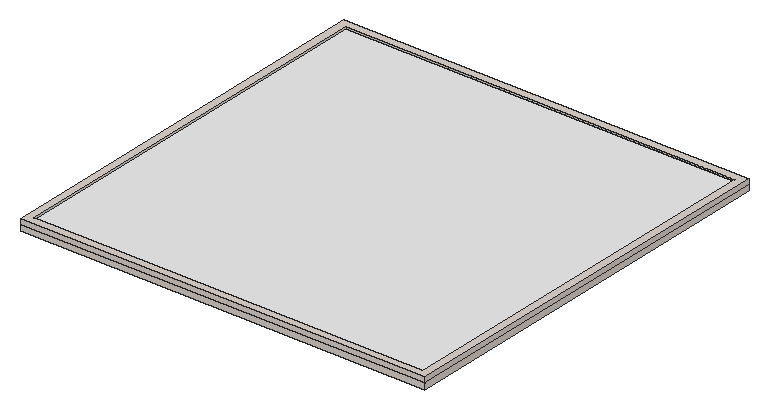
Revit family "SKY LED FLAT PANEL", category Lighting Fixtures, host Face, Revit 2020
Family settings
  Host = Face
  Round Connector Dimension = Use Diameter
  Part Type = Normal
  Cut with Voids When Loaded = No
  Light Source = Yes
  Shared = No
  Room Calculation Point = No
Parameters (values of type "SFLP22D3830")
  Wattage = 24.5722 W
  WATTS = 38 W
  built-in parameter 1150110 = 1 (stored number, unit not read)
  Voltage Comments = "120-277V"  # constant formula
  Voltage = 277 V
  URL = "https://www.abovealllighting.com/Product/LED-INDOOR-FIXTURE/LED-Flat-Panel/SKYLEDFlatPanel.html"
  Type Comments = "SKY LED FLAT PANEL"  # constant formula
  built-in parameter 1114217 = 1 (stored number, unit not read)
  Tilt Angle = -90.00°
  built-in parameter 1150109 = 1 (stored number, unit not read)
  built-in parameter 1150134 = (empty or 0)
  built-in parameter 1150113 = 1 (stored number, unit not read)
  Replaces/Equiv.(MH) = "3x17W FL"
  Photometric Web File = "generic"
  Order number = "14211K"
  built-in parameter 1150142 = (empty or 0)
  Model = "SFLP22D3830"
  Manufacturer = "Above All Lighting"  # constant formula
  built-in parameter 1150105 = 290.46 (stored number, unit not read)
  Lumens = 3650 lm
  built-in parameter 1150115 = 1 (stored number, unit not read)
  built-in parameter 1150137 = (empty or 0)
  built-in parameter 1150139 = (empty or 0)
  built-in parameter 1150112 = 1 (stored number, unit not read)
  built-in parameter 1150114 = 1 (stored number, unit not read)
  Lamp = "LED"  # constant formula
  built-in parameter 1150132 = 2
  built-in parameter 1150102 = (empty or 0)
  built-in parameter 1150107 = 3000 (stored number, unit not read)
  built-in parameter 1150138 = (empty or 0)
  built-in parameter 1150106 = 2.9046 (stored number, unit not read)
  IP Rating = "20"  # constant formula
  Fixture Width = 23.74"
  Fixture Length = 23.74"
  Fixture Height = 1.76"
  Finish/Color [instance] = WHITE
  built-in parameter 1150104 = 13.8 (stored number, unit not read)
  Dimming Lamp Color Temperature Shift = <None>
  Dimming / Control Comments = "1-10V Dim\r\n\r\n"  # constant formula
  Dimming / Control = 10 V
  Description = "The SKY LED flat panel is designed for standard T-bar and narrow grid drop ceiling to replace\r\nfluorescent fixtures in offices, supermarkets, schools and other indoor applications. The Edge Lit\r\ndesign enables even light distribution, simple but beautiful and easy for installation. Energy saving,\r\nlong life span and low maintenance"  # constant formula
  Default Elevation = 0.00"
  Color Filter = 16777215
  CRI = "80"  # constant formula
  Bulb Material [instance] = BULB MATERIAL
  built-in parameter 1114218 = 1 (stored number, unit not read)
  BEAMING ANGLE = 110.00°  # constant formula
  Average life based on 77F(HRS) = "50000"  # constant formula
  built-in parameter 1150133 = 10 (stored number, unit not read)
  Apparent Load = WATTS / 0.8  # 47.5 VA
Reference planes (in)
  plane 1 "Center (Front/Back)": y = 0
  plane 2: z = 0
  plane 3 "Center (Left/Right)": x = 0
  plane 4: y = 11.87
  plane 5: x = 11.87
  plane 6: x = -11.87
  plane 7: y = -11.87
  plane 8: z = -1.46767
Dimensions and locks (in)
  equal spacing: plane 6, plane 3 "Center (Left/Right)", plane 5
  "Fixture Width": plane 6 to plane 5
  equal spacing: plane 7, plane 1 "Center (Front/Back)", plane 4
  "Fixture Length": plane 7 to plane 4
  locked: nested 1 to plane 2 at 0.29233
  "Fixture Height": nested 1 to plane 8
  aligned and locked: plane 2 to host face
  aligned and locked: level to host face
  aligned and locked: plane 2 to imposter light
  aligned and locked: plane 3 "Center (Left/Right)" to imposter light
Automatic sketch dimensions
  host sketch curve to host sketch curve = 96.00"  (x2)
Nested families (in)
  nested 1: "SFLP" at (0, 0, -1.46767), Fixture Length <- "Fixture Length", Fixture Width <- "Fixture Width", Fixture Height <- "Fixture Height", Bulb Material <- "Bulb Material", Finish/Color <- "Finish/Color", type "SFLP"
    with Fixture Width 23.74", Fixture Length 23.74", Fixture Height 1.76", Finish/Color WHITE, Bulb Material BULB MATERIAL
Connectors (in)
  electrical at (0, 0, 0), driven by "Voltage", driven by "Apparent Load"
    settings: on host face, index 1, voltage 277 V, apparent load 47.5 VA, apparent load phase1 0 VA, apparent load phase2 0 VA, apparent load phase3 0 VA, power factor 1, load classification "Lighting", number of poles 1, system type 30, power factor state 1, is connector primary yes, connector utility no, sub classification motor no, connector description ""
Definition of nested family "SFLP"
  Parameters (values of type "SLF")
    Fixture Width [instance] = 23.70"
    Fixture Length [instance] = 23.70"
    Fixture Height [instance] = 1.76"
    Finish/Color [instance] = none
    Default Elevation = 0.00"
    Bulb Material [instance] = none
  Types (2): name
    SLF
    SFLP
  Reference planes (in)
    plane 1 "Center (Front/Back)": y = 0
    plane 2: z = 0
    plane 3 "Center (Left/Right)": x = 0
    plane 4: y = 11.85
    plane 5: x = -11.85
    plane 6: y = -11.85
    plane 7: x = 11.85
    plane 8: z = 1.76
  Forms (in)
    Sweep 1, solid, material <- "Finish/Color"
      path origin (0, 0, 0) x (1, 0, 0) y (0, 1, 0)
        loop
          line (-11.85, 11.85) -> (-11.85, -11.85) -> (11.85, -11.85) -> (11.85, 11.85) -> (-11.85, 11.85)
      profile origin (0, 11.85, 0) x (0, 1, 0) y (0, 0, 1)
        loop
          line (0, 1.11363) -> (0, 1.31142) -> (0, 1.76) -> (-0.44271, 1.76) -> (-0.44271, 1.66298) -> (-0.15207, 1.66298) -> (-0.15207, 1.11363) -> (0, 1.11363)
    Extrusion 2, solid, material <- "Finish/Color"
      sketch origin (0, 0, 0) x (0, 1, 0) y (0, 0, 1)
        loop
          line (8.0322, 1.11363) -> (3.43554, 1.11363) -> (3.43554, 0) -> (8.0322, 0) -> (8.0322, 1.11363)
      from -8.81451 to 8.81451
    Extrusion 3, solid, material <- "Bulb Material"
      sketch origin (0, 0, 0) x (1, 0, 0) y (0, 1, 0)
        loop
          line (-11.69793, 11.69793) -> (-11.69793, -11.69793) -> (11.69793, -11.69793) -> (11.69793, 11.69793) -> (-11.69793, 11.69793)
      from 1.44471 to 1.66298
    Extrusion 4, solid, material <- "Finish/Color"
      sketch origin (0, 0, 0) x (1, 0, 0) y (0, 1, 0)
        loop
          line (11.85, 11.85) -> (-11.85, 11.85) -> (-11.85, -11.85) -> (11.85, -11.85) -> (11.85, 11.85)
      from 1.11363 to 1.44471
  Dimensions and locks (in)
    equal spacing: plane 5, plane 3 "Center (Left/Right)", plane 7
    "Fixture Width": plane 5 to plane 7
    equal spacing: plane 4, plane 1 "Center (Front/Back)", plane 6
    "Fixture Length": plane 4 to plane 6
    "Fixture Height": plane 8 to plane 2
    locked: plane 4 to Extrusion 2 sketch curve at 3.8178
    locked: Extrusion 2 sketch curve to Extrusion 2 sketch curve at 4.59666
    equal spacing: Extrusion 2, plane 3 "Center (Left/Right)", Extrusion 2
    locked: plane 5 to Extrusion 2 at 3.03549
    locked: Extrusion 2 to plane 7 at 3.03549
    locked: Extrusion 3 to Extrusion 3 at 0.21827
    aligned and locked: plane 2 to level
    aligned and locked: Sweep 1 sketch curve to plane 4
    aligned and locked: plane 5 to Sweep 1 sketch curve
    aligned and locked: Sweep 1 sketch curve to plane 6
    aligned and locked: plane 7 to Sweep 1 sketch curve
    aligned and locked: Extrusion 2 sketch curve to level
    aligned and locked: Extrusion 3 sketch curve to Sweep 1  (x4)
    aligned and locked: Extrusion 3 to Sweep 1
    aligned and locked: Extrusion 4 sketch curve to Sweep 1  (x4)
    aligned and locked: Extrusion 4 to Sweep 1
    aligned and locked: Extrusion 4 to Extrusion 3
  Automatic sketch dimensions
    Sweep 1 sketch curve to Sweep 1 sketch curve = 0.29064"
    level to Sweep 1 sketch curve = 1.11363"
    Sweep 1 sketch curve to Sweep 1 sketch curve = 0.19779"
    Sweep 1 sketch curve to Sweep 1 sketch curve = 0.09702"
    Sweep 1 sketch curve to profile plane = 0.00"
    profile plane to Sweep 1 sketch curve = 0.15207"
    Sweep 1 sketch curve to Sweep 1 sketch curve = 0.35156"
    Extrusion 2 sketch curve to plane 8 = 0.64637"
Types (13): name | Wattage | WATTS | built-in parameter 1150134 | Replaces/Equiv.(MH) | Photometric Web File | Order number | built-in parameter 1150142 | Model | built-in parameter 1150105 | Lumens | built-in parameter 1150107 | built-in parameter 1150106 | Fixture Width | Fixture Length | Default Elevation | Apparent Load
  (no name) | 24.5722 W | 38 W | (empty or 0) | "3x17W FL" | "generic" | "14211K" | (empty or 0) | "SFLP22D3830" | 290.46 (stored number, unit not read) | 3650 lm | 3000 (stored number, unit not read) | 2.9046 (stored number, unit not read) | 23.74" | 23.74" | 0.00" | 47.5 VA
  SFLP22D3830 | 24.5722 W | 38 W | (empty or 0) | "3x17W FL" | "generic" | "14211K" | (empty or 0) | "SFLP22D3830" | 290.46 (stored number, unit not read) | 3650 lm | 3000 (stored number, unit not read) | 2.9046 (stored number, unit not read) | 23.74" | 23.74" | 0.00" | 47.5 VA
  SFLP14D3830 | 24.5722 W | 38 W | (empty or 0) | "2x32W FL" | "generic" | "14215K" | (empty or 0) | "SFLP14D3830" | 290.46 (stored number, unit not read) | 3650 lm | 3000 (stored number, unit not read) | 2.9046 (stored number, unit not read) | 11.73047" | 47.80" | 0.00" | 47.5 VA
  SFLP22D3835 | 25.2454 W | 38 W | (empty or 0) | "3x17W FL" | "SFLP22D3835.IES" | "14212K" | "IESNA:LM-63-2002\r\n[TEST] \r\n[TESTLAB] EVERFINE\r\n[TESTDATE] 2018-09-21\r\n[ISSUEDATE] 2019-05-15 15:26:03\r\n[NEARFIELD] \r\n[LAMPPOSITION] 0,0\r\n[OTHER] EVERFINE GO-2000B_V1 SYSTEM\r\n[MANUFAC] Above All Lighting\r\n[LUMINAIRE] FLB 2002/1000WHQI\r\n[LAMP] 10863-SFLP22D3835\r\n[OTHER] \r\n[OTHER] Gamma(deg)    Fz(lm)      Ft(lm)     %Lum    %Lamp\r\n[OTHER]   0- 10       124.56      124.56     3.29     3.32\r\n[OTHER]  10- 20       356.13      480.69    12.70    12.79\r\n[OTHER]  20- 30       538.58     1019.27    26.93    27.13\r\n[OTHER]  30- 40       648.18     1667.44    44.06    44.38\r\n[OTHER]  40- 50       671.94     2339.39    61.82    62.26\r\n[OTHER]  50- 60       607.25     2946.64    77.87    78.42\r\n[OTHER]  60- 70       464.86     3411.49    90.15    90.79\r\n[OTHER]  70- 80       272.91     3684.40    97.36    98.06\r\n[OTHER]  80- 90        79.44     3763.84    99.46   100.17\r\n[OTHER]  90-100         1.73     3765.57    99.51   100.22\r\n[OTHER] 100-110         2.28     3767.85    99.57   100.28\r\n[OTHER] 110-120         2.91     3770.77    99.64   100.35\r\n[OTHER] 120-130         3.19     3773.96    99.73   100.44\r\n[OTHER] 130-140         3.13     3777.09    99.81   100.52\r\n[OTHER] 140-150         2.83     3779.92    99.88   100.60\r\n[OTHER] 150-160         2.31     3782.23    99.95   100.66\r\n[OTHER] 160-170         1.53     3783.75    99.99   100.70\r\n[OTHER] 170-180         0.54     3784.29   100.00   100.71\r\n[OTHER] \r\nTILT=NONE\r\n1 3757.5 1 181 37 1 2 0.000 0.000 0.000\r\n1.000 1 35.9\r\n0.0    1.0    2.0    3.0    4.0    5.0    6.0    7.0    8.0    9.0    \r\n 10.0   11.0   12.0   13.0   14.0   15.0   16.0   17.0   18.0   19.0   \r\n 20.0   21.0   22.0   23.0   24.0   25.0   26.0   27.0   28.0   29.0   \r\n 30.0   31.0   32.0   33.0   34.0   35.0   36.0   37.0   38.0   39.0   \r\n 40.0   41.0   42.0   43.0   44.0   45.0   46.0   47.0   48.0   49.0   \r\n 50.0   51.0   52.0   53.0   54.0   55.0   56.0   57.0   58.0   59.0   \r\n 60.0   61.0   62.0   63.0   64.0   65.0   66.0   67.0   68.0   69.0   \r\n 70.0   71.0   72.0   73.0   74.0   75.0   76.0   77.0   78.0   79.0   \r\n 80.0   81.0   82.0   83.0   84.0   85.0   86.0   87.0   88.0   89.0   \r\n 90.0   91.0   92.0   93.0   94.0   95.0   96.0   97.0   98.0   99.0   \r\n 100.0  101.0  102.0  103.0  104.0  105.0  106.0  107.0  108.0  109.0  \r\n 110.0  111.0  112.0  113.0  114.0  115.0  116.0  117.0  118.0  119.0  \r\n 120.0  121.0  122.0  123.0  124.0  125.0  126.0  127.0  128.0  129.0  \r\n 130.0  131.0  132.0  133.0  134.0  135.0  136.0  137.0  138.0  139.0  \r\n 140.0  141.0  142.0  143.0  144.0  145.0  146.0  147.0  148.0  149.0  \r\n 150.0  151.0  152.0  153.0  154.0  155.0  156.0  157.0  158.0  159.0  \r\n 160.0  161.0  162.0  163.0  164.0  165.0  166.0  167.0  168.0  169.0  \r\n 170.0  171.0  172.0  173.0  174.0  175.0  176.0  177.0  178.0  179.0  \r\n 180.0  \r\n0.0    10.0   20.0   30.0   40.0   50.0   60.0   70.0   80.0   90.0   \r\n 100.0  110.0  120.0  130.0  140.0  150.0  160.0  170.0  180.0  190.0  \r\n 200.0  210.0  220.0  230.0  240.0  250.0  260.0  270.0  280.0  290.0  \r\n 300.0  310.0  320.0  330.0  340.0  350.0  360.0  \r\n1317.43  1318.69  1318.69  1316.64  1317.58  1312.47  1309.14  1309.43  1305.91  1299.90  \r\n 1294.93  1290.33  1285.62  1277.93  1272.42  1263.98  1257.45  1250.25  1240.50  1231.48  \r\n 1224.90  1211.81  1202.05  1192.00  1181.97  1170.94  1158.35  1146.96  1134.49  1121.09  \r\n 1106.98  1094.46  1081.78  1066.80  1050.82  1037.03  1020.90  1006.88  992.01   973.69   \r\n 958.51   941.48   925.58   906.99   890.51   871.71   854.13   836.29   816.85   799.25   \r\n 780.43   761.18   742.88   722.84   703.30   682.68   662.55   642.99   622.10   601.25   \r\n 580.81   559.62   538.89   518.05   496.80   475.68   454.22   432.96   411.92   390.16   \r\n 369.49   348.22   327.81   306.61   285.61   264.66   245.19   224.53   205.38   185.80   \r\n 166.78   148.34   129.90   112.26   94.74    78.21    61.80    46.66    31.93    19.08    \r\n 7.17     1.03     1.07     1.14     1.21     1.29     1.38     1.46     1.55     1.64     \r\n 1.72     1.81     1.90     2.00     2.08     2.17     2.26     2.36     2.45     2.54     \r\n 2.64     2.72     2.81     2.90     2.99     3.07     3.15     3.23     3.30     3.37     \r\n 3.43     3.49     3.55     3.61     3.67     3.72     3.77     3.82     3.87     3.92     \r\n 3.97     4.03     4.07     4.12     4.16     4.21     4.24     4.29     4.33     4.38     \r\n 4.42     4.46     4.50     4.54     4.58     4.62     4.67     4.72     4.77     4.81     \r\n 4.86     4.90     4.96     5.00     5.05     5.09     5.14     5.19     5.24     5.29     \r\n 5.34     5.40     5.43     5.45     5.48     5.50     5.52     5.55     5.57     5.59     \r\n 5.61     5.63     5.65     5.67     5.68     5.70     5.71     5.72     5.72     5.73     \r\n 5.71     \r\n1317.43  1318.15  1316.93  1314.60  1313.60  1313.43  1307.52  1306.40  1301.24  1297.35  \r\n 1292.96  1289.54  1281.98  1276.42  1268.54  1261.18  1257.10  1246.44  1237.93  1228.92  \r\n 1220.32  1211.00  1199.42  1189.99  1178.99  1168.62  1154.60  1144.12  1130.77  1118.48  \r\n 1105.56  1091.35  1075.49  1062.58  1048.23  1032.35  1016.37  1001.33  986.07   969.07   \r\n 954.15   936.13   918.77   903.96   885.17   865.96   849.00   831.88   812.40   794.72   \r\n 774.55   756.27   736.04   716.95   697.19   676.89   656.52   636.48   616.42   595.15   \r\n 574.62   554.42   532.59   512.15   490.28   468.96   447.86   426.47   405.84   383.51   \r\n 362.98   340.96   320.89   299.54   279.29   258.91   238.31   218.14   198.86   179.41   \r\n 160.69   141.84   123.86   106.09   88.99    72.80    56.61    41.37    27.11    15.04    \r\n 3.87     1.13     1.15     1.20     1.27     1.35     1.44     1.52     1.61     1.69     \r\n 1.78     1.87     1.96     2.05     2.14     2.23     2.31     2.41     2.49     2.58     \r\n 2.67     2.75     2.83     2.92     3.00     3.08     3.16     3.23     3.29     3.36     \r\n 3.42     3.48     3.54     3.59     3.65     3.70     3.75     3.81     3.86     3.92     \r\n 3.96     4.01     4.06     4.11     4.15     4.20     4.25     4.29     4.34     4.38     \r\n 4.42     4.47     4.51     4.55     4.60     4.65     4.69     4.75     4.79     4.84     \r\n 4.89     4.93     4.98     5.02     5.06     5.11     5.16     5.21     5.27     5.31     \r\n 5.35     5.38     5.41     5.43     5.47     5.49     5.50     5.53     5.55     5.57     \r\n 5.60     5.61     5.63     5.64     5.65     5.66     5.67     5.68     5.68     5.68     \r\n 5.71     \r\n1317.43  1317.33  1315.75  1314.77  1313.80  1308.85  1306.41  1303.08  1300.46  1295.44  \r\n 1290.99  1287.11  1280.97  1273.23  1267.95  1260.70  1252.10  1246.67  1235.81  1228.63  \r\n 1219.01  1206.86  1197.44  1187.80  1176.84  1165.91  1154.60  1140.16  1128.75  1115.85  \r\n 1104.02  1090.55  1075.01  1060.08  1047.61  1031.47  1015.21  1002.09  985.24   967.87   \r\n 952.86   935.26   919.77   901.30   884.76   866.14   847.99   830.62   811.66   792.85   \r\n 773.23   755.10   734.64   716.38   695.47   676.28   655.88   636.00   614.08   594.76   \r\n 572.70   552.12   530.56   510.58   489.52   468.41   446.41   425.80   404.16   383.07   \r\n 361.60   340.83   319.88   298.48   277.76   257.18   237.35   216.97   197.61   177.99   \r\n 158.97   140.65   122.34   104.82   87.29    70.94    54.55    39.33    24.91    13.58    \r\n 3.21     1.17     1.20     1.25     1.31     1.39     1.47     1.55     1.64     1.73     \r\n 1.82     1.91     1.99     2.08     2.17     2.25     2.33     2.42     2.51     2.59     \r\n 2.66     2.75     2.83     2.91     2.99     3.07     3.14     3.20     3.27     3.33     \r\n 3.39     3.45     3.51     3.57     3.62     3.68     3.73     3.79     3.84     3.88     \r\n 3.94     3.99     4.03     4.08     4.13     4.17     4.21     4.26     4.30     4.34     \r\n 4.39     4.43     4.47     4.51     4.56     4.60     4.65     4.70     4.75     4.78     \r\n 4.83     4.89     4.92     4.98     5.03     5.08     5.14     5.19     5.23     5.26     \r\n 5.30     5.32     5.36     5.38     5.39     5.43     5.45     5.46     5.49     5.51     \r\n 5.53     5.54     5.56     5.57     5.58     5.59     5.60     5.61     5.62     5.63     \r\n 5.71     \r\n1317.43  1317.33  1314.99  1316.40  1312.55  1311.20  1308.58  1304.37  1301.13  1296.19  \r\n 1290.56  1286.10  1280.00  1274.43  1269.30  1260.39  1252.05  1245.47  1235.36  1226.10  \r\n 1217.56  1206.47  1198.75  1186.42  1177.72  1164.01  1152.59  1141.22  1129.47  1115.61  \r\n 1102.52  1089.87  1073.56  1058.92  1045.48  1029.61  1015.52  997.92   983.68   968.55   \r\n 950.88   933.21   918.04   898.64   882.97   864.03   845.80   827.99   809.06   791.19   \r\n 771.75   751.32   732.63   713.70   692.62   673.33   652.48   632.51   611.11   591.16   \r\n 569.79   549.05   527.73   507.00   485.09   463.92   442.00   420.88   399.64   378.27   \r\n 357.32   335.37   314.91   293.73   272.74   252.66   232.02   212.15   192.27   172.83   \r\n 154.21   135.32   117.07   99.52    81.96    65.68    49.41    33.96    20.97    9.93     \r\n 1.43     1.20     1.23     1.28     1.35     1.44     1.52     1.61     1.69     1.78     \r\n 1.87     1.96     2.05     2.13     2.22     2.31     2.39     2.47     2.55     2.63     \r\n 2.71     2.79     2.87     2.94     3.02     3.09     3.16     3.22     3.29     3.35     \r\n 3.42     3.48     3.54     3.59     3.66     3.71     3.77     3.82     3.87     3.92     \r\n 3.97     4.01     4.06     4.10     4.15     4.19     4.23     4.28     4.32     4.36     \r\n 4.41     4.44     4.49     4.53     4.57     4.61     4.66     4.71     4.77     4.81     \r\n 4.85     4.90     4.95     4.99     5.04     5.09     5.13     5.17     5.21     5.24     \r\n 5.27     5.30     5.33     5.35     5.38     5.41     5.43     5.45     5.48     5.50     \r\n 5.51     5.53     5.55     5.57     5.58     5.60     5.61     5.64     5.65     5.67     \r\n 5.71     \r\n1317.43  1314.60  1316.14  1312.69  1310.65  1307.98  1305.57  1304.37  1301.06  1294.63  \r\n 1290.38  1285.62  1279.76  1271.84  1266.41  1260.50  1250.81  1243.43  1233.69  1226.44  \r\n 1217.23  1206.76  1195.82  1186.80  1177.04  1164.67  1153.36  1139.83  1127.22  1113.67  \r\n 1101.19  1089.12  1074.50  1060.21  1045.66  1030.34  1016.72  999.85   984.14   967.26   \r\n 951.24   934.75   916.73   901.69   883.12   865.55   847.68   828.20   809.63   790.75   \r\n 772.39   753.11   732.77   712.53   694.21   673.04   652.46   632.49   612.51   590.41   \r\n 569.82   549.19   528.15   506.30   485.71   464.10   442.60   421.44   400.02   377.94   \r\n 357.20   335.67   314.70   293.98   272.69   252.17   231.53   211.85   191.95   172.86   \r\n 153.81   134.78   116.63   98.95    81.28    64.74    48.09    33.57    20.57    9.29     \r\n 1.09     1.12     1.21     1.29     1.37     1.46     1.55     1.63     1.72     1.81     \r\n 1.89     1.98     2.07     2.16     2.24     2.32     2.40     2.48     2.56     2.64     \r\n 2.72     2.80     2.87     2.95     3.02     3.10     3.17     3.23     3.31     3.37     \r\n 3.43     3.50     3.56     3.62     3.67     3.73     3.78     3.83     3.88     3.93     \r\n 3.98     4.02     4.07     4.11     4.15     4.20     4.24     4.28     4.33     4.36     \r\n 4.40     4.44     4.48     4.52     4.56     4.60     4.65     4.70     4.74     4.79     \r\n 4.83     4.88     4.92     4.96     5.00     5.05     5.09     5.13     5.16     5.18     \r\n 5.22     5.25     5.29     5.31     5.35     5.37     5.40     5.43     5.45     5.48     \r\n 5.50     5.53     5.56     5.58     5.61     5.63     5.65     5.67     5.68     5.70     \r\n 5.71     \r\n1317.43  1317.73  1316.87  1315.52  1312.39  1310.02  1306.19  1302.73  1299.97  1296.21  \r\n 1289.43  1286.11  1278.74  1273.48  1266.78  1257.99  1250.83  1243.97  1235.00  1225.23  \r\n 1217.18  1208.34  1198.16  1187.60  1177.67  1166.11  1153.01  1139.60  1129.31  1115.39  \r\n 1103.59  1087.18  1074.54  1060.06  1046.31  1031.59  1015.03  1000.23  982.85   968.31   \r\n 950.02   934.87   917.72   899.56   883.50   864.74   845.93   828.06   809.37   790.10   \r\n 771.00   751.46   731.89   712.19   691.87   671.45   651.12   629.55   609.76   589.25   \r\n 568.21   546.08   525.04   503.85   482.35   460.46   439.18   417.72   396.11   374.45   \r\n 353.31   331.57   311.16   289.69   268.96   248.75   228.01   207.98   188.28   168.50   \r\n 149.71   130.46   112.47   94.45    76.99    60.96    44.94    30.77    17.36    5.79     \r\n 1.16     1.18     1.26     1.35     1.43     1.52     1.61     1.70     1.79     1.87     \r\n 1.96     2.05     2.13     2.20     2.28     2.36     2.44     2.51     2.59     2.68     \r\n 2.76     2.83     2.91     2.99     3.06     3.13     3.21     3.28     3.35     3.41     \r\n 3.47     3.53     3.59     3.65     3.71     3.76     3.81     3.85     3.91     3.95     \r\n 4.00     4.06     4.09     4.13     4.18     4.22     4.25     4.29     4.33     4.36     \r\n 4.41     4.44     4.48     4.52     4.56     4.61     4.65     4.70     4.75     4.79     \r\n 4.84     4.89     4.93     4.97     5.01     5.04     5.08     5.12     5.16     5.20     \r\n 5.24     5.27     5.31     5.34     5.38     5.41     5.44     5.47     5.50     5.53     \r\n 5.57     5.60     5.63     5.65     5.68     5.69     5.71     5.72     5.72     5.73     \r\n 5.71     \r\n1317.43  1316.78  1315.89  1313.67  1312.94  1309.27  1308.33  1303.47  1299.96  1295.21  \r\n 1289.68  1286.12  1279.72  1273.67  1267.59  1259.27  1252.65  1245.19  1236.53  1228.10  \r\n 1218.54  1207.09  1197.59  1188.86  1177.18  1166.26  1153.31  1143.56  1130.62  1116.35  \r\n 1103.88  1090.83  1076.85  1061.90  1048.81  1033.55  1019.48  1004.32  988.02   970.60   \r\n 955.19   938.03   920.83   903.16   886.37   866.73   850.46   831.48   813.55   793.55   \r\n 774.79   754.27   734.99   715.25   695.68   674.45   654.89   634.11   612.40   593.14   \r\n 571.39   549.61   529.23   507.47   485.77   463.57   441.86   421.00   399.66   377.82   \r\n 356.46   335.07   314.02   293.00   271.85   251.33   231.04   210.74   190.76   171.26   \r\n 152.11   132.96   114.50   96.33    78.55    62.58    46.82    32.28    17.59    5.82     \r\n 1.15     1.17     1.22     1.37     1.47     1.55     1.64     1.73     1.82     1.91     \r\n 1.99     2.05     2.12     2.20     2.27     2.35     2.42     2.50     2.58     2.66     \r\n 2.74     2.82     2.90     2.99     3.07     3.14     3.21     3.27     3.34     3.41     \r\n 3.48     3.54     3.60     3.65     3.71     3.76     3.81     3.86     3.91     3.96     \r\n 4.00     4.03     4.08     4.12     4.16     4.20     4.24     4.28     4.32     4.35     \r\n 4.39     4.43     4.47     4.51     4.55     4.60     4.65     4.69     4.74     4.78     \r\n 4.83     4.87     4.91     4.94     4.99     5.04     5.08     5.13     5.17     5.21     \r\n 5.25     5.29     5.32     5.35     5.39     5.42     5.46     5.49     5.53     5.56     \r\n 5.60     5.62     5.65     5.66     5.68     5.69     5.69     5.70     5.70     5.69     \r\n 5.71     \r\n1317.43  1318.21  1316.81  1315.35  1311.33  1308.88  1308.06  1304.72  1300.83  1293.70  \r\n 1292.78  1286.08  1279.92  1274.82  1266.05  1261.75  1251.46  1243.80  1235.60  1227.00  \r\n 1217.54  1207.80  1199.20  1186.20  1175.53  1165.85  1153.59  1143.10  1129.67  1116.53  \r\n 1104.10  1090.90  1075.73  1061.40  1047.17  1032.08  1017.39  1001.92  985.73   968.41   \r\n 952.81   935.82   919.33   902.91   883.89   866.59   847.79   828.77   810.53   792.03   \r\n 772.44   753.57   732.60   713.99   692.08   673.31   651.94   631.01   610.09   589.27   \r\n 567.91   547.16   524.99   503.61   482.64   461.37   439.52   417.71   395.90   373.81   \r\n 353.00   331.83   310.40   288.89   267.94   247.25   227.17   207.24   187.49   167.33   \r\n 148.53   129.12   110.93   92.72    75.49    59.68    44.07    28.89    13.61    2.78     \r\n 1.20     1.19     1.25     1.35     1.55     1.64     1.73     1.80     1.86     1.92     \r\n 1.98 
